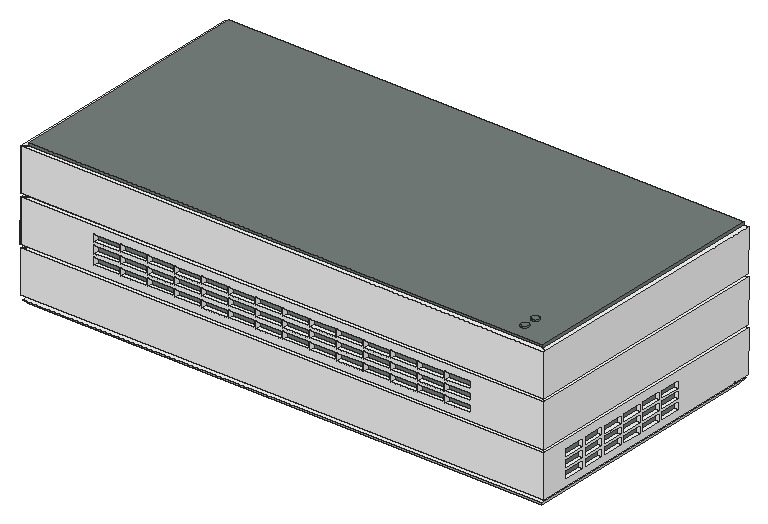
Revit family "AM 500 HC", category Mechanical Equipment, Revit 2019
Family settings
  Round Connector Dimension = Use Diameter
  Part Type = Normal
  OmniClass Number = 23.75.00.00
  OmniClass Title = Climate Control (HVAC)
  Work Plane-Based = No
  Always vertical = Yes
  Cut with Voids When Loaded = No
  Shared = No
  Room Calculation Point = No
Parameters
  Weight (Standard Unit) = 108  # constant formula
  Water Heater Surface Return = 10 mm  # constant formula
  Water Heater Surface IN = 10 mm  # constant formula
  Version number = "1,0"
  URL = "www.airmaster-as.com"
  Total Width = 1600 mm  # constant formula
  Total Hight = 439 mm  # constant formula
  Top Panel [instance] = yes
  T-C Duct Supply = 171.3 mm  # constant formula
  T-C Duct Exhaust = 171.3 mm  # constant formula
  Suply Air In = 250 mm  # constant formula
  Sidepanel Top [instance] = yes
  Sidepanel Middle [instance] = yes
  Side Panel Buttom [instance] = yes
  R-C Duct Supply = 238 mm  # constant formula
  Publication date = "22.05.2023"
  Phase 1 - Max Power Consumption = "1762 W"
  Phase 1 - Max Current = "8,1 A"
  Nominal current, electrical preheating surface = "4,4 A"
  Nominal current, electrical comfort heating surface = "2,6 A"
  Nominal current, air handling unit = "1,1 A"
  Network Conection = "AWG 24 CAT 5e STP"
  Model = "AM 500 HC"
  Middel panel [instance] = yes
  Max. flow rate 35 dB(A) with ePM10 80% filters = 440.00 m³  # constant formula
  Max. flow rate 35 dB(A) with ePM10 55% filters = 495.00 m³  # constant formula
  Max. flow rate 35 dB(A) with ePM10 50% filters = 550.00 m³  # constant formula
  Max. flow rate 30 dB(A) with ePM10 80% filters = 344.00 m³  # constant formula
  Max. flow rate 30 dB(A) with ePM10 55% filters = 387.00 m³  # constant formula
  Max. flow rate 30 dB(A) with ePM10 50% filters = 430.00 m³  # constant formula
  Manufacturer = "Airmaster A/S"
  Maintenance [instance] = no
  L-C Duct Exhaust = 192 mm  # constant formula
  Exhaust Air = 250 mm  # constant formula
  Total Depth = 779 mm  # constant formula
  Electrical connection = "1 ~ 230 V / N / PE / 50 Hz"
  Drawn By = "LSB"
  Condensate = 9 mm  # constant formula
  Buttom Panel [instance] = yes
  BMS Panel = "(PTS) 2x2x0,6"
  BMS Out = "(PTS) 2x2x0,6"
  BMS IN = "(PTS) 2x2x0,6"
  Airlow area [instance] = no
Reference planes
  plane 1 "Center (Front/Back)": y = 0
  plane 2: z = 0
  plane 3 "Center (Left/Right)": x = 0
  plane 4 "Center L/S": y = -779
  plane 5 "Center L/T": x = -800
  plane 6 "Center L/U": x = 800
  plane 7 "TOP": z = 439
  plane 8 "Center L/V": x = -785
  plane 9 "Center L/W": y = -764
  plane 10 "Center L/X": x = 785
  plane 11 "Panel Buttom": z = 24.45
  plane 12 "Panel Top": z = 153.45
  plane 13 "Hatch": z = 14.5
  plane 14 "Center L/Z": z = 163.4
  plane 15 "Center L/AA": z = 292.4
  plane 16 "Center L/BB": z = 302.35
  plane 17 "Center L/CC": z = 431.35
Forms (mm)
  Extrusion 1, solid, material "AM Grey"
    sketch origin (0, 0, 0) x (1, 0, 0) y (0, 1, 0)
      loop
        line (-785, 0) -> (-785, -764) -> (785, -764) -> (785, 0) -> (-785, 0)
    from 14.5 to 439
  Extrusion 2, solid, material "AM White", visible <- "Buttom Panel"
    sketch origin (794.5, -1524, 24.45) x (0, -1, 0) y (-1, 0, 0)
      loop
        line (-745, -5.5) -> (-745, 1594.5) -> (-760, 1579.5) -> (-760, 9.5) -> (-745, -5.5)
    from 0 to -129
  Blend 3, solid, material "AM White"
    base sketch origin (-790.646, -1524, 14.5) x (0, -1, 0) y (1, 0, 0)
      loop
        line (-745, -2.387) -> (-745, 1583.657) -> (-1524, 1583.657) -> (-1524, -2.387) -> (-745, -2.387)
    top sketch origin (-790.646, -1524, 14.5) x (0, -1, 0) y (1, 0, 0)
      loop
        line (-760, 8.963) -> (-760, 1572.646) -> (-1509.161, 1572.646) -> (-1509.161, 8.963) -> (-760, 8.963)
    from 0 to -14.5
  Extrusion 4, void
    sketch origin (1480.036, -779, 163.4) x (1, 0, 0) y (0, 0, -1)
      loop
        line (-2055.036, -85.5) -> (-2055.036, -107.5) -> (-1977.536, -107.5) -> (-1977.536, -85.5) -> (-2055.036, -85.5)
      loop
        line (-2055.036, -53.5) -> (-2055.036, -75.5) -> (-1977.536, -75.5) -> (-1977.536, -53.5) -> (-2055.036, -53.5)
      loop
        line (-2055.036, -21.5) -> (-2055.036, -43.5) -> (-1977.536, -43.5) -> (-1977.536, -21.5) -> (-2055.036, -21.5)
      loop
        line (-1972.536, -85.5) -> (-1972.536, -107.5) -> (-1895.036, -107.5) -> (-1895.036, -85.5) -> (-1972.536, -85.5)
      loop
        line (-1972.536, -53.5) -> (-1972.536, -75.5) -> (-1895.036, -75.5) -> (-1895.036, -53.5) -> (-1972.536, -53.5)
      loop
        line (-1972.536, -21.5) -> (-1972.536, -43.5) -> (-1895.036, -43.5) -> (-1895.036, -21.5) -> (-1972.536, -21.5)
      loop
        line (-1890.036, -85.5) -> (-1890.036, -107.5) -> (-1812.536, -107.5) -> (-1812.536, -85.5) -> (-1890.036, -85.5)
      loop
        line (-1890.036, -53.5) -> (-1890.036, -75.5) -> (-1812.536, -75.5) -> (-1812.536, -53.5) -> (-1890.036, -53.5)
      loop
        line (-1890.036, -21.5) -> (-1890.036, -43.5) -> (-1812.536, -43.5) -> (-1812.536, -21.5) -> (-1890.036, -21.5)
      loop
        line (-1807.536, -85.5) -> (-1807.536, -107.5) -> (-1730.036, -107.5) -> (-1730.036, -85.5) -> (-1807.536, -85.5)
      loop
        line (-1807.536, -53.5) -> (-1807.536, -75.5) -> (-1730.036, -75.5) -> (-1730.036, -53.5) -> (-1807.536, -53.5)
      loop
        line (-1807.536, -21.5) -> (-1807.536, -43.5) -> (-1730.036, -43.5) -> (-1730.036, -21.5) -> (-1807.536, -21.5)
      loop
        line (-1725.036, -85.5) -> (-1725.036, -107.5) -> (-1647.536, -107.5) -> (-1647.536, -85.5) -> (-1725.036, -85.5)
      loop
        line (-1725.036, -53.5) -> (-1725.036, -75.5) -> (-1647.536, -75.5) -> (-1647.536, -53.5) -> (-1725.036, -53.5)
      loop
        line (-1725.036, -21.5) -> (-1725.036, -43.5) -> (-1647.536, -43.5) -> (-1647.536, -21.5) -> (-1725.036, -21.5)
      loop
        line (-1642.536, -85.5) -> (-1642.536, -107.5) -> (-1565.036, -107.5) -> (-1565.036, -85.5) -> (-1642.536, -85.5)
      loop
        line (-1642.536, -53.5) -> (-1642.536, -75.5) -> (-1565.036, -75.5) -> (-1565.036, -53.5) -> (-1642.536, -53.5)
      loop
        line (-1642.536, -21.5) -> (-1642.536, -43.5) -> (-1565.036, -43.5) -> (-1565.036, -21.5) -> (-1642.536, -21.5)
      loop
        line (-1560.036, -85.5) -> (-1560.036, -107.5) -> (-1482.536, -107.5) -> (-1482.536, -85.5) -> (-1560.036, -85.5)
      loop
        line (-1560.036, -53.5) -> (-1560.036, -75.5) -> (-1482.536, -75.5) -> (-1482.536, -53.5) -> (-1560.036, -53.5)
      loop
        line (-1560.036, -21.5) -> (-1560.036, -43.5) -> (-1482.536, -43.5) -> (-1482.536, -21.5) -> (-1560.036, -21.5)
      loop
        line (-1477.536, -85.5) -> (-1477.536, -107.5) -> (-1400.036, -107.5) -> (-1400.036, -85.5) -> (-1477.536, -85.5)
      loop
        line (-1477.536, -53.5) -> (-1477.536, -75.5) -> (-1400.036, -75.5) -> (-1400.036, -53.5) -> (-1477.536, -53.5)
      loop
        line (-1477.536, -21.5) -> (-1477.536, -43.5) -> (-1400.036, -43.5) -> (-1400.036, -21.5) -> (-1477.536, -21.5)
      loop
        line (-1395.036, -85.5) -> (-1395.036, -107.5) -> (-1317.536, -107.5) -> (-1317.536, -85.5) -> (-1395.036, -85.5)
      loop
        line (-1395.036, -53.5) -> (-1395.036, -75.5) -> (-1317.536, -75.5) -> (-1317.536, -53.5) -> (-1395.036, -53.5)
      loop
        line (-1395.036, -21.5) -> (-1395.036, -43.5) -> (-1317.536, -43.5) -> (-1317.536, -21.5) -> (-1395.036, -21.5)
      loop
        line (-1312.536, -85.5) -> (-1312.536, -107.5) -> (-1235.036, -107.5) -> (-1235.036, -85.5) -> (-1312.536, -85.5)
      loop
        line (-1312.536, -53.5) -> (-1312.536, -75.5) -> (-1235.036, -75.5) -> (-1235.036, -53.5) -> (-1312.536, -53.5)
      loop
        line (-1312.536, -21.5) -> (-1312.536, -43.5) -> (-1235.036, -43.5) -> (-1235.036, -21.5) -> (-1312.536, -21.5)
      loop
        line (-1230.036, -85.5) -> (-1230.036, -107.5) -> (-1152.536, -107.5) -> (-1152.536, -85.5) -> (-1230.036, -85.5)
      loop
        line (-1230.036, -53.5) -> (-1230.036, -75.5) -> (-1152.536, -75.5) -> (-1152.536, -53.5) -> (-1230.036, -53.5)
      loop
        line (-1230.036, -21.5) -> (-1230.036, -43.5) -> (-1152.536, -43.5) -> (-1152.536, -21.5) -> (-1230.036, -21.5)
      loop
        line (-1147.536, -85.5) -> (-1147.536, -107.5) -> (-1070.036, -107.5) -> (-1070.036, -85.5) -> (-1147.536, -85.5)
      loop
        line (-1147.536, -53.5) -> (-1147.536, -75.5) -> (-1070.036, -75.5) -> (-1070.036, -53.5) -> (-1147.536, -53.5)
      loop
        line (-1147.536, -21.5) -> (-1147.536, -43.5) -> (-1070.036, -43.5) -> (-1070.036, -21.5) -> (-1147.536, -21.5)
      loop
        line (-1065.036, -85.5) -> (-1065.036, -107.5) -> (-987.536, -107.5) -> (-987.536, -85.5) -> (-1065.036, -85.5)
      loop
        line (-1065.036, -53.5) -> (-1065.036, -75.5) -> (-987.536, -75.5) -> (-987.536, -53.5) -> (-1065.036, -53.5)
      loop
        line (-1065.036, -21.5) -> (-1065.036, -43.5) -> (-987.536, -43.5) -> (-987.536, -21.5) -> (-1065.036, -21.5)
      loop
        line (-982.536, -85.5) -> (-982.536, -107.5) -> (-905.036, -107.5) -> (-905.036, -85.5) -> (-982.536, -85.5)
      loop
        line (-982.536, -53.5) -> (-982.536, -75.5) -> (-905.036, -75.5) -> (-905.036, -53.5) -> (-982.536, -53.5)
      loop
        line (-982.536, -21.5) -> (-982.536, -43.5) -> (-905.036, -43.5) -> (-905.036, -21.5) -> (-982.536, -21.5)
    from 0 to 15
  Extrusion 5, solid, material "AM Grey"
    sketch origin (-785, -20, 0) x (0, 1, 0) y (0, 0, -1)
      loop
        arc (-34.231, -35.823) -> (-20.604, -46.468) -> (-15.509, -29.944) r 10.5
        arc (-15.509, -29.944) -> (-26.896, -26.432) -> (-34.231, -35.823) r 10.5
    from 0 to 14.9
  Extrusion 6, void
    sketch origin (800, 1296.25, 24.45) x (0, 1, 0) y (0, 0, -1)
      loop
        line (-1995, -105.164) -> (-1927, -105.164) -> (-1927, -80.664) -> (-1995, -80.664) -> (-1995, -105.164)
      loop
        line (-1995, -75.664) -> (-1927, -75.664) -> (-1927, -51.164) -> (-1995, -51.164) -> (-1995, -75.664)
      loop
        line (-1995, -46.164) -> (-1927, -46.164) -> (-1927, -21.664) -> (-1995, -21.664) -> (-1995, -46.164)
      loop
        line (-1922, -105.164) -> (-1854, -105.164) -> (-1854, -80.664) -> (-1922, -80.664) -> (-1922, -105.164)
      loop
        line (-1922, -75.664) -> (-1854, -75.664) -> (-1854, -51.164) -> (-1922, -51.164) -> (-1922, -75.664)
      loop
        line (-1922, -46.164) -> (-1854, -46.164) -> (-1854, -21.664) -> (-1922, -21.664) -> (-1922, -46.164)
      loop
        line (-1849, -105.164) -> (-1781, -105.164) -> (-1781, -80.664) -> (-1849, -80.664) -> (-1849, -105.164)
      loop
        line (-1849, -75.664) -> (-1781, -75.664) -> (-1781, -51.164) -> (-1849, -51.164) -> (-1849, -75.664)
      loop
        line (-1849, -46.164) -> (-1781, -46.164) -> (-1781, -21.664) -> (-1849, -21.664) -> (-1849, -46.164)
      loop
        line (-1776, -105.164) -> (-1708, -105.164) -> (-1708, -80.664) -> (-1776, -80.664) -> (-1776, -105.164)
      loop
        line (-1776, -75.664) -> (-1708, -75.664) -> (-1708, -51.164) -> (-1776, -51.164) -> (-1776, -75.664)
      loop
        line (-1776, -46.164) -> (-1708, -46.164) -> (-1708, -21.664) -> (-1776, -21.664) -> (-1776, -46.164)
      loop
        line (-1703, -105.164) -> (-1635, -105.164) -> (-1635, -80.664) -> (-1703, -80.664) -> (-1703, -105.164)
      loop
        line (-1703, -75.664) -> (-1635, -75.664) -> (-1635, -51.164) -> (-1703, -51.164) -> (-1703, -75.664)
      loop
        line (-1703, -46.164) -> (-1635, -46.164) -> (-1635, -21.664) -> (-1703, -21.664) -> (-1703, -46.164)
      loop
        line (-1630, -105.164) -> (-1562, -105.164) -> (-1562, -80.664) -> (-1630, -80.664) -> (-1630, -105.164)
      loop
        line (-1630, -75.664) -> (-1562, -75.664) -> (-1562, -51.164) -> (-1630, -51.164) -> (-1630, -75.664)
      loop
        line (-1630, -46.164) -> (-1562, -46.164) -> (-1562, -21.664) -> (-1630, -21.664) -> (-1630, -46.164)
    from 0 to 15
  Extrusion 7, solid, material "AM Grey"
    sketch origin (785, 0, 0) x (0, -1, 0) y (0, 0, -1)
      loop
        circle (48.75, -36.414) r 8
    from 0 to 14.9
  Extrusion 8, solid, material "AM Grey"
    sketch origin (785, 0, 0) x (0, -1, 0) y (0, 0, -1)
      loop
        circle (48.75, -60.414) r 5.5
    from 0 to 14.9
  Extrusion 9, solid, material "AM Grey"
    sketch origin (785, 0, 0) x (0, -1, 0) y (0, 0, -1)
      loop
        arc (52.21, -82.945) -> (49.124, -78.934) -> (45.257, -82.197) r 3.5
        arc (45.257, -82.197) -> (48.376, -85.894) -> (52.21, -82.945) r 3.5
    from 0 to 14.9
  Extrusion 10, solid, material "AM Grey"
    sketch origin (785, 0, 0) x (0, -1, 0) y (0, 0, -1)
      loop
        arc (52.21, -104.867) -> (49.124, -100.856) -> (45.257, -104.119) r 3.5
        arc (45.257, -104.119) -> (48.376, -107.816) -> (52.21, -104.867) r 3.5
    from 0 to 14.9
  Extrusion 11, solid, material "AM Grey"
    sketch origin (785, 0, 0) x (0, -1, 0) y (0, 0, -1)
      loop
        arc (666.553, -391.641) -> (678.119, -403.614) -> (689.95, -391.903) r 11.7
        arc (689.95, -391.903) -> (678.381, -380.215) -> (666.553, -391.641) r 11.7
    from 0 to 2
  Extrusion 12, solid, material "AM Grey"
    sketch origin (785, 0, 0) x (0, -1, 0) y (0, 0, -1)
      loop
        arc (707.323, -393.239) -> (721.418, -403.717) -> (730.869, -388.914) r 12
        arc (730.869, -388.914) -> (717.082, -380.112) -> (707.323, -393.239) r 12
    from 0 to 2
  Extrusion 13, solid, material "AM Grey"
    sketch origin (-785, 0, 0) x (1, 0, 0) y (0, 0, -1)
      loop
        circle (1347, -267.7) r 125
    from 0 to 18.45
  Extrusion 14, solid, material "AM Grey"
    sketch origin (-785, 0, 0) x (1, 0, 0) y (0, 0, -1)
      loop
        circle (177, -267.7) r 125
    from 0 to 18.45
  Extrusion 15, solid, material "AM Grey"
    sketch origin (-2194.69, 0, 0) x (1, 0, 0) y (0, 0, -1)
      loop
        arc (1478.835, -24) -> (1493.457, -45.482) -> (1480.281, -23.084) r 13
        line (1480.281, -23.084) -> (1478.835, -24)
    from 0 to 2
  Extrusion 16, solid, material "AM Grey"
    sketch origin (0, 0, 439) x (1, 0, 0) y (0, 1, 0)
      loop
        arc (693.662, -689.53) -> (693, -667.55) -> (692.338, -689.53) r 11
        line (692.338, -689.53) -> (693.662, -689.53)
    from 0 to 2
  Extrusion 17, solid, material "AM Grey"
    sketch origin (0, 0, 439) x (1, 0, 0) y (0, 1, 0)
      loop
        arc (693.662, -730.28) -> (693, -708.3) -> (692.338, -730.28) r 11
        line (692.338, -730.28) -> (693.662, -730.28)
    from 0 to 2
  Extrusion 18, solid, material "Maintenece", visible <- "Maintenance"
    sketch origin (-790.646, -1524, 0) x (1, 0, 0) y (0, -1, 0)
      loop
        line (-9.354, -1524) -> (1590.646, -1524) -> (1590.646, -745) -> (-9.354, -745) -> (-9.354, -1524)
    from 0 to 1200
  Extrusion 19, solid, material "Maintenece", visible <- "Airlow area"
    sketch origin (800, 1296.25, 24.45) x (0, -1, 0) y (0, 0, -1)
      loop
        line (1296.25, -129) -> (2081.25, -129) -> (2081.25, 21) -> (1296.25, 21) -> (1296.25, -129)
    from 0 to 500
  Extrusion 20, solid, material "AM White", visible <- "Middel panel"
    sketch origin (794.5, -1524, 163.4) x (0, -1, 0) y (-1, 0, 0)
      loop
        line (-745, -5.5) -> (-745, 1594.5) -> (-760, 1579.5) -> (-760, 9.5) -> (-745, -5.5)
    from 0 to -129
  Extrusion 21, solid, material "AM White", visible <- "Top Panel"
    sketch origin (794.5, -1524, 302.35) x (0, -1, 0) y (-1, 0, 0)
      loop
        line (-745, -5.5) -> (-745, 1594.5) -> (-760, 1579.5) -> (-760, 9.5) -> (-745, -5.5)
    from 0 to -129
  Extrusion 22, solid, material "AM White", visible <- "Side Panel Buttom"
    sketch origin (794.5, -1524, 24.45) x (0, -1, 0) y (-1, 0, 0)
      loop
        line (-1524, -5.5) -> (-745, -5.5) -> (-760, 9.5) -> (-1524, 9.5) -> (-1524, -5.5)
      loop
        line (-760, 1579.5) -> (-745, 1594.5) -> (-1524, 1594.5) -> (-1524, 1579.5) -> (-760, 1579.5)
    from 0 to -129
  Extrusion 23, solid, material "AM White", visible <- "Sidepanel Middle"
    sketch origin (794.5, -1524, 163.4) x (0, -1, 0) y (-1, 0, 0)
      loop
        line (-1524, -5.5) -> (-745, -5.5) -> (-760, 9.5) -> (-1524, 9.5) -> (-1524, -5.5)
      loop
        line (-760, 1579.5) -> (-745, 1594.5) -> (-1524, 1594.5) -> (-1524, 1579.5) -> (-760, 1579.5)
    from 0 to -129
  Extrusion 24, solid, material "AM White", visible <- "Sidepanel Top"
    sketch origin (794.5, -1524, 302.35) x (0, -1, 0) y (-1, 0, 0)
      loop
        line (-1524, -5.5) -> (-745, -5.5) -> (-760, 9.5) -> (-1524, 9.5) -> (-1524, -5.5)
      loop
        line (-760, 1579.5) -> (-745, 1594.5) -> (-1524, 1594.5) -> (-1524, 1579.5) -> (-760, 1579.5)
    from 0 to -129
Cuts and joins
  Extrusion 4, Extrusion 6 cuts Extrusion 1
  Extrusion 4, Extrusion 6 cuts Extrusion 2
  Extrusion 6 cuts Extrusion 22
  Extrusion 4 cuts Extrusion 20
Dimensions and locks
  "Total Depth": plane 4 "Center L/S" to plane 1 "Center (Front/Back)"
  equal spacing: plane 5 "Center L/T", plane 3 "Center (Left/Right)", plane 6 "Center L/U"
  "Total Width": plane 5 "Center L/T" to plane 6 "Center L/U"
  "Total Hight": plane 7 "TOP" to level
  locked: plane 10 "Center L/X" to plane 6 "Center L/U" at 15
  locked: plane 4 "Center L/S" to plane 9 "Center L/W" at 15
  locked: plane 5 "Center L/T" to plane 8 "Center L/V" at 15
  Extrusion 1 to Blend 3 sketch curve = 14.839 mm
  "R-C Duct Supply": plane 6 "Center L/U" to Extrusion 13 sketch curve
  "T-C Duct Supply": Extrusion 13 sketch curve to cut or joined group of Extrusion 1, Extrusion 4, Extrusion 6
  "T-C Duct Exhaust": Extrusion 14 sketch curve to plane 7 "TOP"
  "L-C Duct Exhaust": Extrusion 14 sketch curve to plane 5 "Center L/T"
  nested 3 to cut or joined group of Extrusion 2, Extrusion 4, Extrusion 6 = 550 mm
  aligned and locked: level to plane 2
  aligned and locked: plane 1 "Center (Front/Back)" to Extrusion 1 sketch curve
  aligned and locked: Extrusion 1 sketch curve to plane 8 "Center L/V"
  aligned and locked: Extrusion 1 sketch curve to plane 9 "Center L/W"
  aligned and locked: Extrusion 1 sketch curve to plane 10 "Center L/X"
  aligned and locked: plane 7 "TOP" to Extrusion 1
  aligned and locked: plane 4 "Center L/S" to Extrusion 2 sketch curve
  aligned and locked: Extrusion 2 sketch curve to Extrusion 1
  aligned and locked: Extrusion 2 to plane 12 "Panel Top"
  aligned and locked: Blend 3 to plane 2
  aligned and locked: plane 13 "Hatch" to Extrusion 1
  aligned and locked: Extrusion 18 sketch curve to cut or joined group of Extrusion 2, Extrusion 4, Extrusion 6
  aligned and locked: Extrusion 19 sketch curve to cut or joined group of Extrusion 2, Extrusion 4, Extrusion 6
  aligned and locked: Extrusion 20 to plane 15 "Center L/AA"
  aligned and locked: Extrusion 21 to plane 17 "Center L/CC"
Automatic sketch dimensions
  Extrusion 2 sketch curve to plane 5 "Center L/T" = 0 mm
  Extrusion 2 sketch curve to plane 8 "Center L/V" = 0 mm
  Extrusion 2 sketch curve to plane 10 "Center L/X" = 0 mm
  Extrusion 2 sketch curve to plane 6 "Center L/U" = 0 mm
  plane 1 "Center (Front/Back)" to Blend 3 sketch curve = 0 mm
  plane 4 "Center L/S" to Blend 3 sketch curve = 0 mm
  plane 5 "Center L/T" to Blend 3 sketch curve = 6.967 mm
  Blend 3 sketch curve to plane 6 "Center L/U" = 6.989 mm
  plane 9 "Center L/W" to Blend 3 sketch curve = 0 mm
  plane 8 "Center L/V" to Blend 3 sketch curve = 3.316 mm
  Blend 3 sketch curve to plane 10 "Center L/X" = 3 mm
  Extrusion 2 to Extrusion 4 sketch curve = 95.45 mm  (x4)
  Extrusion 2 to Extrusion 4 sketch curve = 225 mm
  Extrusion 4 sketch curve to Extrusion 4 sketch curve = 0 mm  (x87)
  Extrusion 4 sketch curve to Extrusion 4 sketch curve = 77.5 mm  (x14)
  Extrusion 4 sketch curve to Extrusion 4 sketch curve = 5 mm  (x39)
  Extrusion 2 to Extrusion 4 sketch curve = 117.45 mm  (x3)
  Extrusion 4 sketch curve to Extrusion 4 sketch curve = 10 mm  (x12)
  Extrusion 4 sketch curve to Extrusion 4 sketch curve = 22 mm  (x4)
  Extrusion 4 sketch curve to Extrusion 2 = 160.45 mm  (x4)
  Extrusion 5 sketch curve to Extrusion 5 sketch curve = 0 mm  (x2)
  Extrusion 1 to Extrusion 5 sketch curve = 43.75 mm
  Extrusion 1 to Extrusion 5 sketch curve = 21.95 mm
  Extrusion 5 sketch curve to Extrusion 5 sketch curve = 10.481 mm
  Extrusion 5 sketch curve to Extrusion 5 sketch curve = 8.241 mm
  Extrusion 5 sketch curve to Extrusion 5 sketch curve = 0.627 mm
  plane 12 "Panel Top" to Extrusion 6 sketch curve = 23.836 mm  (x2)
  Extrusion 6 sketch curve to plane 9 "Center L/W" = 65.25 mm
  Extrusion 6 sketch curve to Extrusion 6 sketch curve = 0 mm  (x33)
  Extrusion 6 sketch curve to Extrusion 6 sketch curve = 68 mm  (x6)
  Extrusion 6 sketch curve to Extrusion 6 sketch curve = 5 mm  (x22)
  Extrusion 6 sketch curve to Extrusion 6 sketch curve = 24.5 mm  (x5)
  Extrusion 6 sketch curve to plane 11 "Panel Buttom" = 21.664 mm  (x3)
  Extrusion 1 to Extrusion 7 sketch curve = 21.914 mm
  Extrusion 1 to Extrusion 7 sketch curve = 48.75 mm
  Extrusion 1 to Extrusion 8 sketch curve = 48.75 mm
  Extrusion 1 to Extrusion 8 sketch curve = 45.914 mm
  Extrusion 9 sketch curve to Extrusion 9 sketch curve = 0 mm  (x2)
  Extrusion 1 to Extrusion 9 sketch curve = 48.75 mm
  Extrusion 1 to Extrusion 9 sketch curve = 67.914 mm
  Extrusion 9 sketch curve to Extrusion 9 sketch curve = 3.493 mm
  Extrusion 9 sketch curve to Extrusion 9 sketch curve = 3.46 mm
  Extrusion 9 sketch curve to Extrusion 9 sketch curve = 0.531 mm
  Extrusion 10 sketch curve to Extrusion 10 sketch curve = 0 mm  (x2)
  Extrusion 1 to Extrusion 10 sketch curve = 48.75 mm
  Extrusion 1 to Extrusion 10 sketch curve = 89.836 mm
  Extrusion 10 sketch curve to Extrusion 10 sketch curve = 3.493 mm
  Extrusion 10 sketch curve to Extrusion 10 sketch curve = 3.46 mm
  Extrusion 10 sketch curve to Extrusion 10 sketch curve = 0.531 mm
  Extrusion 11 sketch curve to Extrusion 11 sketch curve = 0 mm  (x2)
  Extrusion 1 to Extrusion 11 sketch curve = 85.75 mm
  Extrusion 1 to Extrusion 11 sketch curve = 47.086 mm
  Extrusion 11 sketch curve to Extrusion 11 sketch curve = 11.697 mm
  Extrusion 11 sketch curve to Extrusion 11 sketch curve = 11.7 mm
  Extrusion 11 sketch curve to Extrusion 11 sketch curve = 0.011 mm
  Extrusion 12 sketch curve to Extrusion 12 sketch curve = 0 mm  (x2)
  Extrusion 1 to Extrusion 12 sketch curve = 44.75 mm
  Extrusion 1 to Extrusion 12 sketch curve = 47.086 mm
  Extrusion 12 sketch curve to Extrusion 12 sketch curve = 11.927 mm
  Extrusion 12 sketch curve to Extrusion 12 sketch curve = 11.619 mm
  Extrusion 12 sketch curve to Extrusion 12 sketch curve = 1.325 mm
  Extrusion 1 to Extrusion 15 sketch curve = 9.5 mm
  Extrusion 15 sketch curve to Extrusion 1 = 69.145 mm
  Extrusion 1 to Extrusion 15 sketch curve = 8.584 mm
  Extrusion 15 sketch curve to Extrusion 15 sketch curve = 1.446 mm
  Extrusion 15 sketch curve to Extrusion 15 sketch curve = 6.219 mm
  Extrusion 16 sketch curve to Extrusion 1 = 92.662 mm
  Extrusion 16 sketch curve to Extrusion 16 sketch curve = 0.662 mm
  Extrusion 16 sketch curve to Extrusion 1 = 74.47 mm
  Extrusion 16 sketch curve to Extrusion 16 sketch curve = 10.98 mm
  Extrusion 17 sketch curve to Extrusion 1 = 92.662 mm
  Extrusion 17 sketch curve to Extrusion 17 sketch curve = 0.662 mm
  Extrusion 17 sketch curve to Extrusion 1 = 33.72 mm
  Extrusion 17 sketch curve to Extrusion 17 sketch curve = 10.98 mm
  Extrusion 18 sketch curve to Blend 3 = 18.316 mm
  Extrusion 18 sketch curve to Blend 3 = 18 mm
  Extrusion 18 sketch curve to Blend 3 = 14.839 mm
  Extrusion 19 sketch curve to plane 1 "Center (Front/Back)" = 0 mm
  plane 4 "Center L/S" to Extrusion 19 sketch curve = 6 mm
  level to Extrusion 19 sketch curve = 3.45 mm
  Extrusion 20 sketch curve to plane 8 "Center L/V" = 0 mm
  Extrusion 20 sketch curve to plane 9 "Center L/W" = 0 mm
  plane 4 "Center L/S" to Extrusion 20 sketch curve = 0 mm
  Extrusion 20 sketch curve to plane 5 "Center L/T" = 0 mm
  Extrusion 20 sketch curve to plane 10 "Center L/X" = 0 mm
  Extrusion 20 sketch curve to plane 6 "Center L/U" = 0 mm
  Extrusion 21 sketch curve to plane 8 "Center L/V" = 0 mm
  Extrusion 21 sketch curve to plane 9 "Center L/W" = 0 mm
  plane 4 "Center L/S" to Extrusion 21 sketch curve = 0 mm
  Extrusion 21 sketch curve to plane 5 "Center L/T" = 0 mm
  Extrusion 21 sketch curve to plane 10 "Center L/X" = 0 mm
  Extrusion 21 sketch curve to plane 6 "Center L/U" = 0 mm
  plane 1 "Center (Front/Back)" to Extrusion 22 sketch curve = 0 mm  (x2)
  plane 9 "Center L/W" to Extrusion 22 sketch curve = 0 mm
  Extrusion 22 sketch curve to plane 8 "Center L/V" = 0 mm
  Extrusion 22 sketch curve to plane 9 "Center L/W" = 0 mm
  plane 4 "Center L/S" to Extrusion 22 sketch curve = 0 mm  (x2)
  Extrusion 22 sketch curve to plane 5 "Center L/T" = 0 mm
  Extrusion 22 sketch curve to plane 10 "Center L/X" = 0 mm
  Extrusion 22 sketch curve to plane 6 "Center L/U" = 0 mm
  plane 1 "Center (Front/Back)" to Extrusion 23 sketch curve = 0 mm  (x2)
  plane 9 "Center L/W" to Extrusion 23 sketch curve = 0 mm
  Extrusion 23 sketch curve to plane 8 "Center L/V" = 0 mm
  Extrusion 23 sketch curve to plane 9 "Center L/W" = 0 mm
  plane 4 "Center L/S" to Extrusion 23 sketch curve = 0 mm  (x2)
  Extrusion 23 sketch curve to plane 5 "Center L/T" = 0 mm
  Extrusion 23 sketch curve to plane 10 "Center L/X" = 0 mm
  Extrusion 23 sketch curve to plane 6 "Center L/U" = 0 mm
  plane 1 "Center (Front/Back)" to Extrusion 24 sketch curve = 0 mm  (x2)
  plane 9 "Center L/W" to Extrusion 24 sketch curve = 0 mm
  Extrusion 24 sketch curve to plane 8 "Center L/V" = 0 mm
  Extrusion 24 sketch curve to plane 9 "Center L/W" = 0 mm
  plane 4 "Center L/S" to Extrusion 24 sketch curve = 0 mm  (x2)
  Extrusion 24 sketch curve to plane 5 "Center L/T" = 0 mm
  Extrusion 24 sketch curve to plane 10 "Center L/X" = 0 mm
  Extrusion 24 sketch curve to plane 6 "Center L/U" = 0 mm
  radius of Extrusion 7 sketch curve = 8 mm
  radius of Extrusion 8 sketch curve = 5.5 mm
  radius of Extrusion 13 sketch curve = 125 mm
  radius of Extrusion 14 sketch curve = 125 mm
Nested families
  nested 1: "Model Label 2019" at (0, -361.924, 0), Label <- "Model", type "Model Label 2019"
    with Label "AM 500 HC"
  nested 2: "Pil Indtag" at (1400, -364, 0) x (-1, 0, 0) z (0, 0, 1), type "Pil Indtag"
    with dX_ 609 mm, dX 609 mm, ang2D 0.00°
  nested 3: "indblæssymbol" at (0, -879, 0) x (0, -1, 0) z (0, 0, 1), type "indblæssymbol"
    with dX_ 609 mm, dX 609 mm, ang2D 0.00°
Connectors
  piping at (-799.9, -44.87, 32.883), diameter 9, driven by "Condensate"
    settings: on Extrusion 5, index 1, connector inside diameter 609.6 mm, connector length 0 mm, flow factor 0, pipe flow 0.0 L/s, pressure drop 0.0 Pa, fitting loss kfactor 0, connector angle 0.00°, fixture units 0, engagement length 0 mm, angle of deflection 0.00°, flow configuration 0, flow direction 0, fitting loss method 0, system type 16, joint type 0, gender type 0, connector reference index -1, connector utility 0, adjustable connector no, is connector primary yes, connector description ""
  electrical at (799.9, -48.75, 36.414), driven by "Electrical connection"
    settings: on Extrusion 7, index 2, voltage 230 V, apparent load 0 VA, apparent load phase1 0 VA, apparent load phase2 0 VA, apparent load phase3 0 VA, power factor 0.58, load classification "Other", number of poles 1, system type 30, power factor state 1, is connector primary yes, connector utility no, sub classification motor no, connector description "1 ~ 230 V / N / PE / 50 Hz"
  electrical at (799.9, -48.75, 60.414), driven by "Network Conection"
    settings: on Extrusion 8, index 3, voltage 0 V, apparent load 0 VA, apparent load phase1 0 VA, apparent load phase2 0 VA, apparent load phase3 0 VA, power factor 1, load classification "Other", number of poles 1, system type 5, power factor state 1, is connector primary no, connector utility no, sub classification motor no, connector description "AWG 24 CAT 5e STP"
  electrical at (799.9, -48.733, 82.571), driven by "BMS IN"
    settings: on Extrusion 9, index 4, voltage 0 V, apparent load 0 VA, apparent load phase1 0 VA, apparent load phase2 0 VA, apparent load phase3 0 VA, power factor 1, load classification "Other", number of poles 1, system type 5, power factor state 1, is connector primary no, connector utility no, sub classification motor no, connector description "(PTS) 2x2x0,6"
  electrical at (799.9, -48.733, 104.493), driven by "BMS Out"
    settings: on Extrusion 10, index 5, voltage 0 V, apparent load 0 VA, apparent load phase1 0 VA, apparent load phase2 0 VA, apparent load phase3 0 VA, power factor 1, load classification "Other", number of poles 1, system type 5, power factor state 1, is connector primary no, connector utility no, sub classification motor no, connector description "(PTS) 2x2x0,6"
  piping at (787, -719.096, 391.076), diameter 10, driven by "Water Heater Surface IN"
    settings: on Extrusion 12, index 6, connector inside diameter 609.6 mm, connector length 0 mm, flow factor 0, pipe flow 0.0 L/s, pressure drop 0.0 Pa, fitting loss kfactor 0, connector angle 0.00°, fixture units 0, engagement length 0 mm, angle of deflection 0.00°, flow configuration 0, flow direction 1, fitting loss method 0, system type 7, joint type 0, gender type 0, connector reference index -1, connector utility 0, adjustable connector no, is connector primary no, connector description ""
  piping at (787, -678.252, 391.772), diameter 10, driven by "Water Heater Surface Return"
    settings: on Extrusion 11, index 7, connector inside diameter 609.6 mm, connector length 0 mm, flow factor 0, pipe flow 0.0 L/s, pressure drop 0.0 Pa, fitting loss kfactor 0, connector angle 0.00°, fixture units 0, engagement length 0 mm, angle of deflection 0.00°, flow configuration 0, flow direction 2, fitting loss method 0, system type 8, joint type 0, gender type 0, connector reference index -1, connector utility 0, adjustable connector no, is connector primary no, connector description ""
  piping at (-715.132, 2, 23.542), diameter 9, driven by "Condensate"
    settings: on Extrusion 15, index 8, connector inside diameter 609.6 mm, connector length 0 mm, flow factor 0, pipe flow 0.0 L/s, pressure drop 0.0 Pa, fitting loss kfactor 0, connector angle 0.00°, fixture units 0, engagement length 0 mm, angle of deflection 0.00°, flow configuration 0, flow direction 0, fitting loss method 0, system type 16, joint type 0, gender type 0, connector reference index -1, connector utility 0, adjustable connector no, is connector primary no, connector description "9"
  piping at (693, -730.28, 441), diameter 10, driven by "Water Heater Surface IN"
    settings: on Extrusion 17, index 11, connector inside diameter 609.6 mm, connector length 0 mm, flow factor 0, pipe flow 0.0 L/s, pressure drop 0.0 Pa, fitting loss kfactor 0, connector angle 0.00°, fixture units 0, engagement length 0 mm, angle of deflection 0.00°, flow configuration 0, flow direction 0, fitting loss method 0, system type 19, joint type 0, gender type 0, connector reference index -1, connector utility 0, adjustable connector no, is connector primary no, connector description ""
  piping at (693, -689.53, 441), diameter 10, driven by "Water Heater Surface Return"
    settings: on Extrusion 16, index 12, connector inside diameter 609.6 mm, connector length 0 mm, flow factor 0, pipe flow 0.0 L/s, pressure drop 0.0 Pa, fitting loss kfactor 0, connector angle 0.00°, fixture units 0, engagement length 0 mm, angle of deflection 0.00°, flow configuration 0, flow direction 0, fitting loss method 0, system type 19, joint type 0, gender type 0, connector reference index -1, connector utility 0, adjustable connector no, is connector primary no, connector description ""
  hvac at (-608, 0, 267.7), driven by "Exhaust Air"
    settings: on Extrusion 14, index 13, duct flow 0.0 L/s, flow factor 0, pres drop 0.0 Pa, loss coef 0, conn angle 0.00°, conn width 304.8 mm, conn height 304.8 mm, conn diameter 250 mm, duct sys type 3, conn prof type 0, flow config 0, flow direction 2, loss method 0, conn ref index -1, conn util no, is conn primary yes, conn desc ""
  hvac at (562, 0, 267.7), driven by "Suply Air In"
    settings: on Extrusion 13, index 14, duct flow 0.0 L/s, flow factor 0, pres drop 0.0 Pa, loss coef 0, conn angle 0.00°, conn width 304.8 mm, conn height 304.8 mm, conn diameter 250 mm, duct sys type 1, conn prof type 0, flow config 0, flow direction 1, loss method 0, conn ref index -1, conn util no, is conn primary no, conn desc ""
Definition of nested family "Model Label 2019"
  Parameters (values of type "Model Label 2019")
    Label [instance] = ""
  Reference planes
    plane 1: y = 0
    plane 2: x = 0
  Text (mm)
    label "Label" at (-0.131, 0.049, 0), shows "Label"
Definition of nested family "Pil Indtag"
  Parameters (values of type "Pil Indtag")
    dX_ [instance] = if(dX = 0 mm, 1 mm, dX)  # 609 mm
    dX [instance] = 609 mm
    ang2D [instance] = 0.00°
    Type Comments = "DO NOT CHANGE dX value from 608 mm ( 2 ft )"
    Afstand pil = 50 mm
  Reference planes
    plane 1 "Center (Front/Back)": y = 0
    plane 2: z = 0
    plane 3 "Center (Left/Right)": x = 0
    plane 4: x = 500
  Lines and regions (mm)
    Filled region 1, type "Concrete", in view "Ref. Level"
      outline origin (0, 0, 0) x (1, 0, 0) y (0, 1, 0)
        loop
          line (499.552, 0) -> (401.072, 17.365) -> (401.072, -17.365) -> (499.552, 0)
    reference lines, in view "Ref. Level"
      curve 1: line (50, 134.129, 0) -> (50, -145.871, 0)
    detail lines, in view "Ref. Level", not visible
      curve 2: arc (335, 0, 0) -> (385.559, -50.321, 0) -> (434.999, 1.101, 0) r 50.01
      curve 3: arc (335, 0, 0) -> (285.666, 52.633, 0) -> (235.069, 1.212, 0) r 50.01
      curve 4: line (434.999, 1.101, 0) -> (434.999, 21.156, 0)
      curve 5: line (235.069, 1.212, 0) -> (235.069, -18.844, 0)
    detail lines, in view "Ref. Level"
      curve 6: arc (225.332, 0, 0) -> (272.332, -35.211, 0) -> (294.114, 19.326, 0) r 36.995
      curve 7: arc (225.206, 0, 0) -> (173.868, 30.307, 0) -> (156.85, -26.829, 0) r 37.835
      curve 8: line (499.552, 0, 0) -> (401.072, 17.365, 0)
      curve 9: line (401.072, 17.365, 0) -> (401.072, -17.365, 0)
      curve 10: line (401.072, -17.365, 0) -> (499.552, 0, 0)
      curve 11: line (499.552, 0, 0) -> (-15.448, 0, 0)
  Dimensions and locks
    "Afstand pil": plane 3 "Center (Left/Right)" to curve 1
    plane 3 "Center (Left/Right)" to plane 4 = 500 mm
  Automatic sketch dimensions
    plane 1 "Center (Front/Back)" to Filled region 1 sketch curve = 0 mm
    Filled region 1 sketch curve to plane 4 = 0.448 mm
    plane 1 "Center (Front/Back)" to Filled region 1 sketch curve = 17.365 mm
    Filled region 1 sketch curve to plane 4 = 98.928 mm
    Filled region 1 sketch curve to plane 1 "Center (Front/Back)" = 17.365 mm
    plane 1 "Center (Front/Back)" to curve 11 = 0 mm
    plane 1 "Center (Front/Back)" to curve 7 = 4.913 mm
    plane 3 "Center (Left/Right)" to curve 7 = 187.691 mm
    curve 6 to plane 1 "Center (Front/Back)" = 0.405 mm
    curve 7 to curve 6 = 74.634 mm
    curve 9 to plane 1 "Center (Front/Back)" = 17.365 mm
    curve 9 to plane 4 = 98.928 mm
    curve 11 to plane 4 = 0.448 mm
    plane 1 "Center (Front/Back)" to curve 10 = 17.365 mm
    curve 7 to curve 7 = 30.842 mm
    curve 11 to plane 3 "Center (Left/Right)" = 15.448 mm
    curve 7 to curve 6 = 37.119 mm
    curve 7 to curve 6 = 0.126 mm
    curve 6 to plane 1 "Center (Front/Back)" = 19.326 mm
    plane 1 "Center (Front/Back)" to curve 1 = 145.871 mm
    curve 1 to plane 1 "Center (Front/Back)" = 134.129 mm
Definition of nested family "indblæssymbol"
  Parameters (values of type "indblæssymbol")
    dX_ [instance] = if(dX = 0 mm, 1 mm, dX)  # 609 mm
    dX [instance] = 609 mm
    ang2D [instance] = 0.00°
    Type Comments = "DO NOT CHANGE dX value from 608 mm ( 2 ft )"
    Afstand pil = 50 mm
  Reference planes
    plane 1 "Center (Front/Back)": y = 0
    plane 2: z = 0
    plane 3 "Center (Left/Right)": x = 0
  Lines and regions (mm)
    Filled region 1, type "Concrete", in view "Ref. Level"
      outline origin (50.005, 0, 0) x (1, 0, 0) y (0, 1, 0)
        loop
          line (399.995, 0.414) -> (301.442, 17.365) -> (301.588, -17.365) -> (399.995, 0.414)
    reference lines, in view "Ref. Level"
      curve 1: line (50, 134.129, 0) -> (50, -145.871, 0)
    detail lines, in view "Ref. Level"
      curve 2: line (351.52, 0, 0) -> (50, 0, 0)
  Dimensions and locks
    "Afstand pil": plane 3 "Center (Left/Right)" to curve 1
    curve 1 to Filled region 1 = 400 mm
  Automatic sketch dimensions
    Filled region 1 sketch curve to plane 1 "Center (Front/Back)" = 0.414 mm
    plane 3 "Center (Left/Right)" to Filled region 1 sketch curve = 450 mm
    plane 1 "Center (Front/Back)" to Filled region 1 sketch curve = 17.365 mm
    Filled region 1 sketch curve to Filled region 1 sketch curve = 98.407 mm
    Filled region 1 sketch curve to plane 1 "Center (Front/Back)" = 17.365 mm
    Filled region 1 sketch curve to Filled region 1 sketch curve = 0.146 mm
    plane 1 "Center (Front/Back)" to curve 2 = 0 mm
    plane 3 "Center (Left/Right)" to curve 2 = 50 mm
    curve 2 to curve 2 = 301.52 mm
    plane 1 "Center (Front/Back)" to curve 1 = 145.871 mm
    curve 1 to plane 1 "Center (Front/Back)" = 134.129 mm
